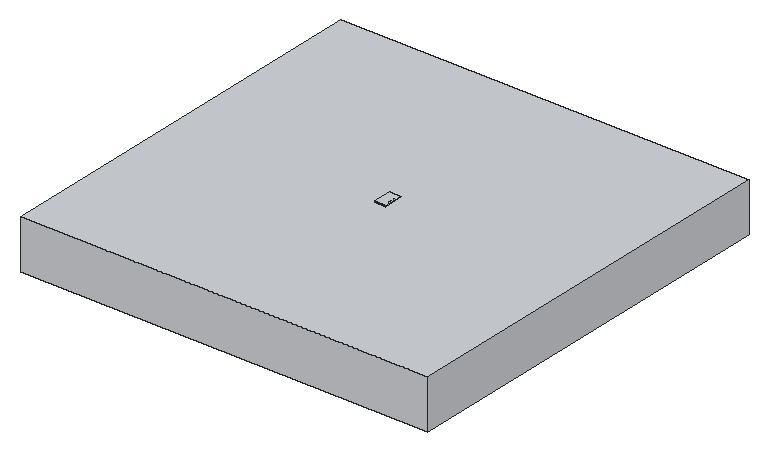
Revit family "M_Data Outlet", category Data Devices, host Face, Revit 2023
Family settings
  Host = Face
  Round Connector Dimension = Use Diameter
  Part Type = Normal
  OmniClass Number = 23.85.50.17.11
  OmniClass Title = Computer Network Equipment
  Cut with Voids When Loaded = No
  Maintain Annotation Orientation = Yes
  Shared = No
  Room Calculation Point = No
Parameters (values of type "Plain")
  Label = ""
  Default Elevation = 460 mm
  Assembly Code = ""
Reference planes
  plane 1 "Center (Front/Back)": y = 0
  plane 2: z = 0
  plane 3 "Center (Left/Right)": x = 0
  plane 4 "Left Inside": x = -19.05
  plane 5 "Right Inside": x = 19.05
  plane 6 "Top Inside": y = 38.1
  plane 7 "Bottom Inside": y = -38.1
  plane 8 "Left Outside": x = -34.925
  plane 9 "Right Outside": x = 34.925
  plane 10 "Top Outside": y = 57.15
  plane 11 "Bottom Outside": y = -57.15
  plane 12 "Front": z = 4.762
  plane 13 "Back": z = -53.975
Forms (mm)
  Extrusion 1, solid
    sketch origin (0, 0, 0) x (1, 0, 0) y (0, 1, 0)
      loop
        line (-1260.826, 1219.2) -> (-1260.826, -1219.2) -> (1219.2, -1219.2) -> (1219.2, 1219.2) -> (-1260.826, 1219.2)
    from 0 to -300
  Extrusion 2, solid
    sketch origin (0, 0, 0) x (1, 0, 0) y (0, 1, 0)
      loop
        line (-19.05, 38.1) -> (-19.05, -38.1) -> (19.05, -38.1) -> (19.05, 38.1) -> (-19.05, 38.1)
    from 0 to -53.975
  Extrusion 3, solid
    sketch origin (0, 0, 0) x (1, 0, 0) y (0, 1, 0)
      loop
        line (-34.925, 57.15) -> (-34.925, -57.15) -> (34.925, -57.15) -> (34.925, 57.15) -> (-34.925, 57.15)
    from 0 to 4.762
Lines and regions (mm)
  symbolic lines, detail levels fine
    curve 1: line (34.925, 0, 4.762) -> (-34.925, 0, 4.762)
    curve 2: line (34.925, 0, 0) -> (34.925, 0, 4.762)
    curve 3: line (-34.925, 0, 0) -> (34.925, 0, 0)
    curve 4: line (-34.925, 0, 4.762) -> (-34.925, 0, 0)
    curve 5: line (19.05, 0, -53.975) -> (-19.05, 0, -53.975)
    curve 6: line (19.05, 0, 0) -> (19.05, 0, -53.975)
    curve 7: line (-19.05, 0, -53.975) -> (-19.05, 0, 0)
Dimensions and locks
  equal spacing: plane 4 "Left Inside", plane 3 "Center (Left/Right)", plane 5 "Right Inside"
  locked: plane 4 "Left Inside" to plane 5 "Right Inside" at 38.1
  equal spacing: plane 6 "Top Inside", plane 1 "Center (Front/Back)", plane 7 "Bottom Inside"
  locked: plane 6 "Top Inside" to plane 7 "Bottom Inside" at 76.2
  equal spacing: plane 8 "Left Outside", plane 3 "Center (Left/Right)", plane 9 "Right Outside"
  locked: plane 8 "Left Outside" to plane 9 "Right Outside" at 69.85
  equal spacing: plane 10 "Top Outside", plane 1 "Center (Front/Back)", plane 11 "Bottom Outside"
  locked: plane 10 "Top Outside" to plane 11 "Bottom Outside" at 114.3
  locked: plane 12 "Front" to plane 2 at 4.763
  locked: plane 2 to plane 13 "Back" at 53.975
  aligned and locked: plane 2 to Extrusion 1
  aligned and locked: level to Extrusion 1
  aligned and locked: plane 4 "Left Inside" to Extrusion 2 sketch curve
  aligned and locked: Extrusion 2 sketch curve to plane 6 "Top Inside"
  aligned and locked: plane 7 "Bottom Inside" to Extrusion 2 sketch curve
  aligned and locked: Extrusion 2 sketch curve to plane 5 "Right Inside"
  aligned and locked: Extrusion 2 to plane 13 "Back"
  aligned and locked: plane 8 "Left Outside" to Extrusion 3 sketch curve
  aligned and locked: Extrusion 3 sketch curve to plane 10 "Top Outside"
  aligned and locked: plane 11 "Bottom Outside" to Extrusion 3 sketch curve
  aligned and locked: Extrusion 3 sketch curve to plane 9 "Right Outside"
  aligned and locked: plane 12 "Front" to Extrusion 3
  aligned and locked: level to curve 3
  aligned and locked: curve 1 to plane 12 "Front"
  aligned and locked: curve 4 to plane 8 "Left Outside"
  aligned and locked: plane 9 "Right Outside" to curve 2
  aligned and locked: curve 7 to plane 4 "Left Inside"
  aligned and locked: plane 5 "Right Inside" to curve 6
  aligned and locked: plane 13 "Back" to curve 5
Automatic sketch dimensions
  Extrusion 1 sketch curve to Extrusion 1 sketch curve = 2480.026 mm
  Extrusion 1 sketch curve to Extrusion 1 sketch curve = 2438.4 mm
Nested families
  nested 1: "M_Data Annotation" at (0, 38.1, 0), type "M_Data Annotation", detail levels coarse+medium
Connectors
  electrical at (0, 38.1, -26.988)
    settings: on Extrusion 2, index 1, voltage 0 V, apparent load 0 VA, apparent load phase1 0 VA, apparent load phase2 0 VA, apparent load phase3 0 VA, power factor 0, load classification "Other", number of poles 1, system type 5, power factor state 1, is connector primary yes, connector utility no, sub classification motor no, connector description ""
Definition of nested family "M_Data Annotation"
  Parameters
    Label Annotation = ""
  Reference planes
    plane 1: y = 0
    plane 2: x = 0
  Lines and regions (mm)
    detail lines
      curve 1: line (-1.833, 3.175, 0) -> (1.833, 3.175, 0)
      curve 2: line (1.833, 3.175, 0) -> (0, 0, 0)
      curve 3: line (0, 0, 0) -> (-1.833, 3.175, 0)
  Text (mm)
    label "W" at (1.069, -0.069, 0), shows "Label Annotation"
